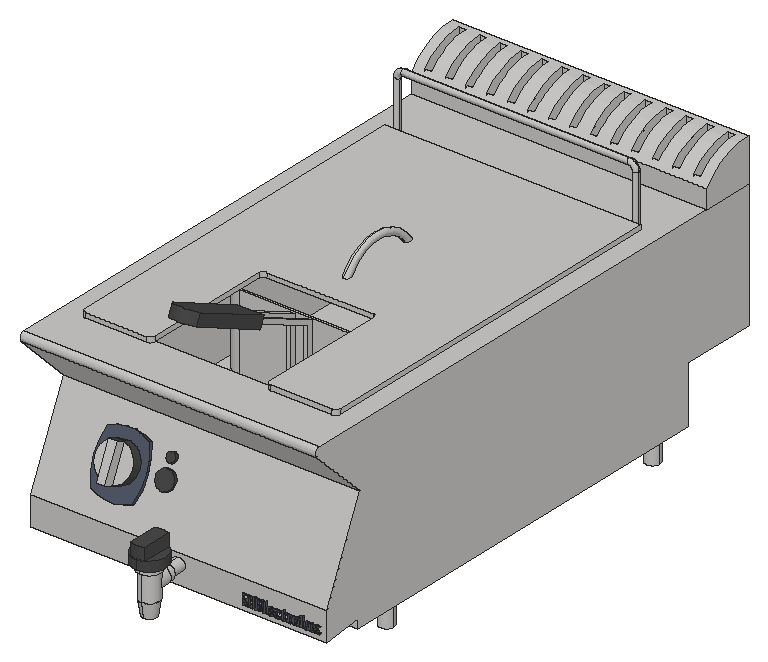
Revit family "QF_ELECTROLUXPROFESSIONAL_371422_E7KKBTAOMCI", category Attrezzature speciali, Revit 2018
Family settings
  Quota connettore circolare = Usa diametro
  Tipo di parte = Normale
  Basato su piano di lavoro = No
  Sempre verticale = Sì
  Taglio con vuoti quando caricato = No
  Condiviso = No
  Punto di calcolo locali = No
Parameters (values of type "Standard")
  Weight = 30.00 kg
  Watts = 0 W
  Volts = 0 V
  URL Manufacturer = "https://www.electroluxprofessional.com/"
  URL = "https://www.electroluxprofessional.com/"
  Steam Supply Size = 0"
  Steam Supply Minimum Pressure = 0.00 psi
  Steam Supply Maximum Pressure = 0.00 psi
  Steam Consumption per Hour = 0
  Show Logo [instance] = yes
  Show Clearance [instance] = yes
  Refrigeration Suction Line Size = 0 mm
  Refrigeration Liquid Line Size = 0 mm
  Refrigerant Compressor Remote = yes
  Phase = 0
  Modello = "E7KKBTAOMCI"
  Produttore = "Electrolux Professional"
  Length Actual = 400 mm  # constant formula
  Item Number = "371422"
  Hot Water Size = 0"
  Height Actual = 250 mm  # constant formula
  HP = "0 HP"
  Gas Size = 1/2"
  Gas KW = 7
  Gas Input Pressure = 0.234579 Btu/h
  Direct Waste Size = 0"
  Descrizione = "7 LITRE GAS FRYER TOP 400MM - QMARK"
  Depth Actual = 730 mm  # constant formula
  Cycle = 0 Hz
  Condensate Return Size = 0"
  Compressed Air Volume = 0 GPM
  Compressed Air Size = 0"
  Compressed Air Pressure = 0.00 psi
  Cold Water Size = 0"
  Base Height [instance] = 25.4 mm  # constant formula
  Accessory = yes
Values of the unnamed type that differ from the named types
  Weight = 0.00 kg
  URL Manufacturer = ""
  Item Number = ""
  HP = ""
  Gas KW = 0
  Gas Input Pressure = 0.0 Btu/h
Reference planes
  plane 1 "BACK": y = 0
  plane 2: z = 0
  plane 3 "LEFT": x = 0
  plane 4 "RIGHT": x = 400
  plane 5 "FRONT": y = -730
  plane 6 "TOP": z = 333
  plane 7 "Center Y": x = 200
  plane 8 "Center X": y = -365
  plane 9 "BASE": z = 25.4
  plane 10 "TOP A": z = 274.638
  plane 11: y = -597.884
  plane 12: y = -147.637
Forms (mm)
  Extrusion 1, solid, material "QF_Finishes_Stainless Steel"
    sketch origin (0, 0, 0) x (0, 1, 0) y (0, 0, 1)
      loop
        line (0, 274.638) -> (-725.027, 274.638)
        arc (-725.027, 274.638) -> (-730.893, 270.718) -> (-729.517, 263.797) r 6.35
        line (-729.517, 263.797) -> (-657.416, 191.447) -> (-713.522, 70.59) -> (-713.522, 32.49) -> (-660.4, 38.1) -> (-660.4, 25.4) -> (-101.6, 25.4) -> (-101.6, 103.188) -> (0, 103.188) -> (0, 274.638)
    from 0 to 400
  Extrusion 2, solid, material "QF_Finishes_Stainless Steel"
    sketch origin (0, 0, 0) x (0, 1, 0) y (0, 0, 1)
      loop
        line (0, 274.638) -> (0, 333)
        arc (0, 333) -> (-38.795, 324.72) -> (-69.85, 300.038) r 86.758
        line (-69.85, 300.038) -> (-69.85, 274.638) -> (0, 274.638)
    from 0 to 400
  Extrusion 3, void
    sketch origin (0, 0, 274.638) x (-1, 0, 0) y (0, -1, 0)
      loop
        line (-33.338, 147.762) -> (-33.338, 655.762) -> (-366.662, 655.762) -> (-366.662, 147.762) -> (-33.338, 147.762)
    from 0 to -152.4
  Extrusion 4, solid, material "QF_Finishes_Stainless Steel"
    sketch origin (0, 0, 274.638) x (-1, 0, 0) y (0, -1, 0)
      loop
        arc (-26.988, 655.762) -> (-28.847, 660.252) -> (-33.338, 662.112) r 6.35
        line (-33.338, 662.112) -> (-115.863, 662.112)
        arc (-115.863, 662.112) -> (-120.353, 660.252) -> (-122.213, 655.762) r 6.35
        line (-122.213, 655.762) -> (-122.213, 481.137)
        arc (-122.213, 481.137) -> (-124.072, 476.646) -> (-128.563, 474.787) r 6.35
        line (-128.563, 474.787) -> (-271.412, 474.787)
        arc (-271.412, 474.787) -> (-275.903, 476.646) -> (-277.762, 481.137) r 6.35
        line (-277.762, 481.137) -> (-277.762, 655.762)
        arc (-277.762, 655.762) -> (-279.622, 660.252) -> (-284.112, 662.112) r 6.35
        line (-284.112, 662.112) -> (-366.662, 662.112)
        arc (-366.662, 662.112) -> (-371.153, 660.252) -> (-373.012, 655.762) r 6.35
        line (-373.012, 655.762) -> (-373.012, 147.762) -> (-26.988, 147.762) -> (-26.988, 655.762)
    from 0 to 6.35
  Sweep 5, solid, material "QF_Finishes_Stainless Steel"
    path origin (200, 0, 0) x (0, 1, 0) y (0, 0, 1)
      loop
        arc (-323.261, 274.638) -> (-377.7, 308.416) -> (-432.139, 274.638) r 60.757
    profile origin (200, -377.7, 308.416) x (0, 0, -1) y (1, 0, 0)
      loop
        circle (0, 0) r 4.353
  Sweep 6, solid, material "QF_Finishes_Stainless Steel"
    path origin (0, 0, 0) x (1, 0, 0) y (0, 0, 1)
      loop
        line (39.688, 274.263) -> (39.688, 339.35)
        arc (39.688, 339.35) -> (41.547, 343.84) -> (46.038, 345.7) r 6.35
        line (46.038, 345.7) -> (352.25, 345.7)
        arc (352.25, 345.7) -> (356.74, 343.84) -> (358.6, 339.35) r 6.35
        line (358.6, 339.35) -> (358.6, 274.263)
    profile origin (39.688, 0, 306.806) x (-1, 0, 0) y (0, -1, 0)
      loop
        circle (2.09, 140.754) r 3.827
  Extrusion 7, void
    sketch origin (0, 0, 274.638) x (-1, 0, 0) y (0, -1, 0)
      loop
        line (-13.453, 6.761) -> (-13.453, 63.911) -> (-22.749, 63.911) -> (-22.749, 6.761) -> (-13.453, 6.761)
    from 25.4 to 63.5
  Extrusion 8, void
    sketch origin (400.05, 0, 274.638) x (1, 0, 0) y (0, 1, 0)
      loop
        line (-13.503, -6.761) -> (-22.799, -6.761) -> (-22.799, -63.911) -> (-13.503, -63.911) -> (-13.503, -6.761)
    from 25.4 to 63.5
  Extrusion 9, void
    sketch origin (27.988, 0, 274.638) x (-1, 0, 0) y (0, -1, 0)
      loop
        line (-13.453, 6.761) -> (-13.453, 63.911) -> (-22.749, 63.911) -> (-22.749, 6.761) -> (-13.453, 6.761)
    from 25.4 to 63.5
  Extrusion 10, void
    sketch origin (55.977, 0, 274.638) x (-1, 0, 0) y (0, -1, 0)
      loop
        line (-13.453, 6.761) -> (-13.453, 63.911) -> (-22.749, 63.911) -> (-22.749, 6.761) -> (-13.453, 6.761)
    from 25.4 to 63.5
  Extrusion 11, void
    sketch origin (83.965, 0, 274.638) x (-1, 0, 0) y (0, -1, 0)
      loop
        line (-13.428, 6.761) -> (-13.428, 63.911) -> (-22.724, 63.911) -> (-22.724, 6.761) -> (-13.428, 6.761)
    from 25.4 to 63.5
  Extrusion 12, void
    sketch origin (111.953, 0, 274.638) x (-1, 0, 0) y (0, -1, 0)
      loop
        line (-13.428, 6.761) -> (-13.428, 63.911) -> (-22.724, 63.911) -> (-22.724, 6.761) -> (-13.428, 6.761)
    from 25.4 to 63.5
  Extrusion 13, void
    sketch origin (139.942, 0, 274.638) x (-1, 0, 0) y (0, -1, 0)
      loop
        line (-13.428, 6.761) -> (-13.428, 63.911) -> (-22.724, 63.911) -> (-22.724, 6.761) -> (-13.428, 6.761)
    from 25.4 to 63.5
  Extrusion 14, void
    sketch origin (167.93, 0, 274.638) x (-1, 0, 0) y (0, -1, 0)
      loop
        line (-13.428, 6.761) -> (-13.428, 63.911) -> (-22.724, 63.911) -> (-22.724, 6.761) -> (-13.428, 6.761)
    from 25.4 to 63.5
  Extrusion 15, void
    sketch origin (195.918, 0, 274.638) x (-1, 0, 0) y (0, -1, 0)
      loop
        line (-13.428, 6.761) -> (-13.428, 63.911) -> (-22.724, 63.911) -> (-22.724, 6.761) -> (-13.428, 6.761)
    from 25.4 to 63.5
  Extrusion 16, void
    sketch origin (223.907, 0, 274.638) x (-1, 0, 0) y (0, -1, 0)
      loop
        line (-13.428, 6.761) -> (-13.428, 63.911) -> (-22.724, 63.911) -> (-22.724, 6.761) -> (-13.428, 6.761)
    from 25.4 to 63.5
  Extrusion 17, void
    sketch origin (251.895, 0, 274.638) x (-1, 0, 0) y (0, -1, 0)
      loop
        line (-13.428, 6.761) -> (-13.428, 63.911) -> (-22.724, 63.911) -> (-22.724, 6.761) -> (-13.428, 6.761)
    from 25.4 to 63.5
  Extrusion 18, void
    sketch origin (279.884, 0, 274.638) x (-1, 0, 0) y (0, -1, 0)
      loop
        line (-13.403, 6.761) -> (-13.403, 63.911) -> (-22.699, 63.911) -> (-22.699, 6.761) -> (-13.403, 6.761)
    from 25.4 to 63.5
  Extrusion 19, void
    sketch origin (307.872, 0, 274.638) x (-1, 0, 0) y (0, -1, 0)
      loop
        line (-13.403, 6.761) -> (-13.403, 63.911) -> (-22.699, 63.911) -> (-22.699, 6.761) -> (-13.403, 6.761)
    from 25.4 to 63.5
  Extrusion 20, void
    sketch origin (335.86, 0, 274.638) x (-1, 0, 0) y (0, -1, 0)
      loop
        line (-13.403, 6.761) -> (-13.403, 63.911) -> (-22.699, 63.911) -> (-22.699, 6.761) -> (-13.403, 6.761)
    from 25.4 to 63.5
  Extrusion 21, solid, material "QF_Finishes_Stainless Steel"
    sketch origin (0, 0, 0) x (1, 0, 0) y (0, 1, 0)
      loop
        circle (11.112, -147.638) r 9.525
      loop
        circle (11.112, -597.884) r 9.525
      loop
        circle (388.887, -147.638) r 9.525
      loop
        circle (388.887, -597.884) r 9.525
    from 0 to 25.4
  Extrusion 22, solid, material "QF_Finishes_Navy Blue"
    sketch origin (-60.325, -713.522, 70.59) x (0, 0.421077, 0.907025) y (-1, 0, 0)
      loop
        arc (101.077, -132.565) -> (66.2, -125.548) -> (31.333, -132.61) r 89.894
        arc (31.333, -132.61) -> (24.638, -161.14) -> (31.333, -189.671) r 64.14
        arc (31.333, -189.671) -> (66.2, -196.736) -> (101.077, -189.715) r 89.853
        arc (101.077, -189.715) -> (107.792, -161.14) -> (101.077, -132.565) r 64.16
    from 0 to 3.175
  Extrusion 23, solid, material "QF_Finishes_Stainless Steel"
    sketch origin (-60.325, -716.402, 71.927) x (0, 0.421077, 0.907025) y (-1, 0, 0)
      loop
        circle (68.826, -160.963) r 25.4
    from 0 to 12.7
  Extrusion 24, solid, material "QF_Finishes_Stainless Steel"
    sketch origin (-60.325, -727.921, 77.275) x (0, 0.421077, 0.907025) y (-1, 0, 0)
      loop
        arc (93.558, -166.749) -> (94.226, -160.963) -> (93.558, -155.177) r 25.4
        line (93.558, -155.177) -> (44.094, -155.177)
        arc (44.094, -155.177) -> (43.426, -160.963) -> (44.094, -166.749) r 25.4
        line (44.094, -166.749) -> (93.558, -166.749)
    from 0 to 12.7
  Extrusion 25, solid, material "QF_Finishes_Black"
    sketch origin (0, -713.522, 70.59) x (0, 0.421077, 0.907025) y (-1, 0, 0)
      loop
        circle (93.566, -160.648) r 6.35
    from 0 to 3.175
  Extrusion 26, solid, material "QF_Finishes_Black"
    sketch origin (0, -713.522, 70.59) x (0, 0.421077, 0.907025) y (-1, 0, 0)
      loop
        circle (68.272, -160.648) r 12.7
    from 0 to 3.175
  Revolve 27, solid, material "QF_Finishes_Stainless Steel"
    sketch origin (200.025, 0, 0) x (0, 1, 0) y (0, 0, 1)
      loop
        line (-762.926, 17.277) -> (-753.917, 17.277) -> (-750.301, 37.788) -> (-750.301, 74.129) -> (-747.023, 74.129) -> (-747.023, 82.008) -> (-740.673, 82.008) -> (-740.673, 94.708) -> (-762.926, 94.708) -> (-762.926, 17.277)
      axis (-762.926, 17.277) -> (-762.926, 94.708)
    angle from 0 to 360
  Revolve 28, solid, material "QF_Finishes_Stainless Steel"
    sketch origin (200.025, 0, 0) x (0, 1, 0) y (0, 0, 1)
      loop
        line (-713.522, 57.15) -> (-764.322, 57.15) -> (-764.322, 44.847) -> (-742.357, 44.847) -> (-742.357, 46.549) -> (-733.364, 46.549) -> (-733.364, 48.596) -> (-713.522, 48.596) -> (-713.522, 57.15)
      axis (-764.322, 57.15) -> (-713.522, 57.15)
    angle from 0 to 360
  Extrusion 29, solid, material "QF_Finishes_Black"
    sketch origin (200.025, -762.926, 94.708) x (0, 1, 0) y (-1, 0, 0)
      loop
        line (20.063, 9.626) -> (-20.063, 9.626)
        arc (-20.063, 9.626) -> (-22.253, 0) -> (-20.063, -9.626) r 22.253
        line (-20.063, -9.626) -> (20.063, -9.626)
        arc (20.063, -9.626) -> (22.253, 0) -> (20.063, 9.626) r 22.253
    from 0 to 16.412
  Extrusion 30, solid, material "QF_Finishes_Stainless Steel"
    sketch origin (0, -101.6, 103.188) x (0, 0, -1) y (-1, 0, 0)
      loop
        circle (43.882, -336.5) r 6.35
    from 0 to 12.7
  Extrusion 31, solid, material "QF_Finishes_Clearance", visible <- "Show Clearance", detail levels coarse
    sketch origin (0, 0, 0) x (1, 0, 0) y (0, 1, 0)
      loop
        line (0, -731.377) -> (0, 0) -> (400, 0) -> (400, -731.377) -> (550.019, -731.377) -> (550.019, 150.019) -> (-150.019, 150.019) -> (-150.019, -731.377) -> (0, -731.377)
    from 0 to 333
  Extrusion 32, solid, material "QF_Finishes_Black"
    sketch origin (265.962, -708.83, 366.66) x (0, 0.906308, -0.422618) y (-1, 0, 0)
      loop
        line (10.103, 47.345) -> (128.716, 47.345) -> (128.716, 84.58) -> (10.103, 84.58)
        arc (10.103, 84.58) -> (-0.124, 65.962) -> (10.103, 47.345) r 22.059
    from -15.884 to 0
  Extrusion 33, solid, material "QF_Finishes_Stainless Steel"
    sketch origin (265.962, 41.275, 0) x (0, 1, 0) y (0, 0, 1)
      loop
        line (-547.91, 165.638) -> (-547.91, 267.115) -> (-635.463, 307.942) -> (-638.147, 302.187) -> (-554.26, 263.07) -> (-554.26, 165.638) -> (-547.91, 165.638)
    from -80.476 to -74.619
  Extrusion 34, solid, material "QF_Finishes_Stainless Steel"
    sketch origin (134.088, 41.275, 0) x (0, 1, 0) y (0, 0, -1)
      loop
        line (-554.26, -263.07) -> (-638.147, -302.187) -> (-635.463, -307.942) -> (-547.91, -267.115) -> (-547.91, -165.638) -> (-554.26, -165.638) -> (-554.26, -263.07)
    from -80.476 to -74.619
  Extrusion 35, solid, material "QF_Finishes_Mesh"
    sketch origin (0, 0, 274.638) x (-1, 0, 0) y (0, -1, 0)
      loop
        arc (-116.6, 189.135) -> (-98.64, 196.575) -> (-91.2, 214.535) r 25.4
        line (-91.2, 214.535) -> (-91.2, 481.11)
        arc (-91.2, 481.11) -> (-98.64, 499.071) -> (-116.6, 506.51) r 25.4
        line (-116.6, 506.51) -> (-294.375, 506.51)
        arc (-294.375, 506.51) -> (-312.336, 499.071) -> (-319.775, 481.11) r 25.4
        line (-319.775, 481.11) -> (-319.775, 214.535)
        arc (-319.775, 214.535) -> (-312.336, 196.575) -> (-294.375, 189.135) r 25.4
        line (-294.375, 189.135) -> (-116.6, 189.135)
      loop
        arc (-116.6, 192.31) -> (-100.885, 198.82) -> (-94.375, 214.535) r 22.225
        line (-94.375, 214.535) -> (-94.375, 481.11)
        arc (-94.375, 481.11) -> (-100.885, 496.826) -> (-116.6, 503.335) r 22.225
        line (-116.6, 503.335) -> (-294.375, 503.335)
        arc (-294.375, 503.335) -> (-310.091, 496.826) -> (-316.6, 481.11) r 22.225
        line (-316.6, 481.11) -> (-316.6, 214.535)
        arc (-316.6, 214.535) -> (-310.091, 198.82) -> (-294.375, 192.31) r 22.225
        line (-294.375, 192.31) -> (-116.6, 192.31)
    from -109 to -5.315
  Extrusion 36, solid, material "QF_Finishes_Navy Blue", visible <- "Show Logo"
    sketch origin (0, -713.772, 32.49) x (0, 0, 1) y (-1, 0, 0)
      loop
        line (20.674, -296.698) -> (8.307, -296.698)
        arc (8.307, -296.698) -> (14.491, -301.27) -> (20.674, -296.698) r 6.467
      loop
        arc (20.674, -296.069) -> (19.505, -290.926) -> (14.849, -288.448) r 6.338
        line (14.849, -288.448) -> (14.849, -290.494)
        arc (14.849, -290.494) -> (16.333, -294.149) -> (19.778, -296.069) r 5.941
        line (19.778, -296.069) -> (20.674, -296.069)
      loop
        arc (9.203, -296.069) -> (12.648, -294.149) -> (14.132, -290.494) r 5.941
        line (14.132, -290.494) -> (14.132, -288.448)
        arc (14.132, -288.448) -> (9.438, -290.922) -> (8.148, -296.069) r 6.504
        line (8.148, -296.069) -> (9.203, -296.069)
      loop
        line (21.349, -287.979) -> (7.604, -287.979) -> (7.604, -301.742) -> (21.349, -301.742) -> (21.349, -287.979)
      loop
        arc (21.432, -304.71) -> (21.085, -304.352) -> (20.718, -304.69) r 0.358
        arc (20.718, -304.69) -> (20.404, -305.44) -> (19.687, -305.825) r 1.216
        line (19.687, -305.825) -> (9.274, -305.825)
        arc (9.274, -305.825) -> (8.614, -305.548) -> (8.218, -304.951) r 1.238
        arc (8.218, -304.951) -> (7.823, -304.7) -> (7.518, -305.054) r 0.358
        line (7.518, -305.054) -> (7.518, -314.933) -> (10.269, -314.933) -> (10.269, -314.036)
        arc (10.269, -314.036) -> (9.36, -313.456) -> (8.904, -312.479) r 1.928
        line (8.904, -312.479) -> (8.904, -309.98)
        arc (8.904, -309.98) -> (9.18, -309.251) -> (9.868, -308.887) r 1.101
        line (9.868, -308.887) -> (13.955, -308.887) -> (13.955, -312.561)
        arc (13.955, -312.561) -> (13.602, -313.058) -> (13.037, -313.286) r 1.083
        arc (13.037, -313.286) -> (12.773, -313.591) -> (13.065, -313.869) r 0.292
        line (13.065, -313.869) -> (16.028, -313.869)
        arc (16.028, -313.869) -> (16.33, -313.596) -> (16.092, -313.266) r 0.305
        arc (16.092, -313.266) -> (15.601, -313.018) -> (15.296, -312.561) r 1.083
        line (15.296, -312.561) -> (15.296, -308.887) -> (19.973, -308.887) -> (19.973, -312.635)
        arc (19.973, -312.635) -> (19.759, -313.39) -> (19.153, -313.888) r 1.314
        arc (19.153, -313.888) -> (18.934, -314.292) -> (19.288, -314.585) r 0.361
        line (19.288, -314.585) -> (21.432, -314.585) -> (21.432, -304.71)
      loop
        arc (20.715, -315.365) -> (20.335, -316.284) -> (19.416, -316.664) r 1.299
        line (19.416, -316.664) -> (9.837, -316.664)
        arc (9.837, -316.664) -> (8.999, -316.286) -> (8.728, -315.408) r 1.118
        line (8.728, -315.408) -> (7.518, -315.408) -> (7.518, -320.758) -> (8.706, -320.758)
        arc (8.706, -320.758) -> (8.978, -319.841) -> (9.848, -319.445) r 1.153
        line (9.848, -319.445) -> (21.92, -319.445) -> (20.715, -315.365)
      loop
        line (12.483, -323.394) -> (12.483, -329.842) -> (13.282, -329.842)
        arc (13.282, -329.842) -> (15.862, -328.857) -> (17.131, -326.404) r 3.874
        line (17.131, -326.404) -> (17.131, -324.643)
        arc (17.131, -324.643) -> (15.944, -321.778) -> (13.08, -320.592) r 4.051
        line (13.08, -320.592) -> (11.072, -320.592)
        arc (11.072, -320.592) -> (8.253, -322.077) -> (7.202, -325.084) r 4.352
        arc (7.202, -325.084) -> (7.566, -327.547) -> (8.943, -329.621) r 5.713
        line (8.943, -329.621) -> (9.892, -329.621)
        arc (9.892, -329.621) -> (9.16, -328.052) -> (8.943, -326.334) r 5.579
        arc (8.943, -326.334) -> (9.737, -324.371) -> (11.616, -323.394) r 3.057
        line (11.616, -323.394) -> (12.483, -323.394)
      loop
        line (13.742, -323.394) -> (13.742, -326.977)
        arc (13.742, -326.977) -> (15.199, -327.024) -> (16.082, -325.864) r 1.59
        line (16.082, -325.864) -> (16.082, -325.034)
        arc (16.082, -325.034) -> (15.217, -323.779) -> (13.742, -323.394) r 2.184
      loop
        arc (16.533, -339.259) -> (17.022, -337.585) -> (17.179, -335.848) r 9.023
        line (17.179, -335.848) -> (17.179, -334.486)
        arc (17.179, -334.486) -> (16.02, -331.686) -> (13.22, -330.527) r 3.959
        line (13.22, -330.527) -> (10.62, -330.527)
        arc (10.62, -330.527) -> (8.338, -331.819) -> (7.221, -334.192) r 4.331
        line (7.221, -334.192) -> (7.221, -336.327)
        arc (7.221, -336.327) -> (7.729, -337.877) -> (8.651, -339.223) r 5.772
        arc (8.651, -339.223) -> (9.412, -339.274) -> (9.499, -338.515) r 0.553
        arc (9.499, -338.515) -> (9.111, -337.781) -> (8.977, -336.962) r 2.573
        line (8.977, -336.962) -> (8.977, -335.447)
        arc (8.977, -335.447) -> (9.983, -333.806) -> (11.798, -333.163) r 2.884
        line (11.798, -333.163) -> (13.077, -333.163)
        arc (13.077, -333.163) -> (14.898, -333.723) -> (15.824, -335.388) r 2.554
        line (15.824, -335.388) -> (15.824, -336.441)
        arc (15.824, -336.441) -> (15.493, -337.369) -> (14.836, -338.104) r 2.564
        arc (14.836, -338.104) -> (14.614, -338.821) -> (15.223, -339.259) r 0.643
        line (15.223, -339.259) -> (16.533, -339.259)
      loop
        line (15.515, -339.53) -> (15.515, -341.031) -> (9.467, -341.031)
        arc (9.467, -341.031) -> (7.879, -341.688) -> (7.221, -343.276) r 2.246
        line (7.221, -343.276) -> (7.221, -344.86)
        arc (7.221, -344.86) -> (7.535, -345.725) -> (8.035, -346.496) r 4.06
        arc (8.035, -346.496) -> (8.768, -346.629) -> (9.019, -345.928) r 0.576
        arc (9.019, -345.928) -> (8.913, -345.403) -> (8.977, -344.87) r 1.69
        arc (8.977, -344.87) -> (9.519, -344.082) -> (10.425, -343.779) r 1.506
        line (10.425, -343.779) -> (15.563, -343.779) -> (15.563, -346.176) -> (16.119, -346.733) -> (16.941, -346.733) -> (16.941, -343.873) -> (20.172, -343.873) -> (15.515, -339.53)
      loop
        line (7.438, -347.63) -> (7.438, -353.017) -> (8.548, -353.017)
        arc (8.548, -353.017) -> (8.942, -352.066) -> (9.893, -351.672) r 1.345
        line (9.893, -351.672) -> (13.509, -351.672)
        arc (13.509, -351.672) -> (14.274, -352.264) -> (14.564, -353.186) r 1.615
        line (14.564, -353.186) -> (14.564, -354.742) -> (17.119, -355.427) -> (17.119, -354.044) -> (15.177, -351.485) -> (17.057, -351.485) -> (16.773, -348.779)
        arc (16.773, -348.779) -> (16.333, -348.249) -> (15.674, -348.45) r 0.621
        arc (15.674, -348.45) -> (15.274, -348.792) -> (14.78, -348.975) r 1.501
        line (14.78, -348.975) -> (9.893, -348.975)
        arc (9.893, -348.975) -> (8.942, -348.581) -> (8.548, -347.63) r 1.345
        line (8.548, -347.63) -> (7.438, -347.63)
      loop
        line (13.54, -354.964) -> (10.848, -354.964)
        arc (10.848, -354.964) -> (8.403, -356.272) -> (7.269, -358.803) r 4.288
        arc (7.269, -358.803) -> (7.205, -360.183) -> (7.269, -361.563) r 15.022
        arc (7.269, -361.563) -> (8.403, -364.094) -> (10.848, -365.401) r 4.288
        line (10.848, -365.401) -> (13.54, -365.401)
        arc (13.54, -365.401) -> (15.986, -364.094) -> (17.119, -361.563) r 4.288
        arc (17.119, -361.563) -> (17.183, -360.183) -> (17.119, -358.803) r 15.022
        arc (17.119, -358.803) -> (15.986, -356.272) -> (13.54, -354.964) r 4.288
      loop
        line (13.745, -358.078) -> (10.643, -358.078)
        arc (10.643, -358.078) -> (8.486, -360.235) -> (10.643, -362.392) r 2.157
        line (10.643, -362.392) -> (13.745, -362.392)
        arc (13.745, -362.392) -> (15.902, -360.235) -> (13.745, -358.078) r 2.157
      loop
        arc (20.726, -365.26) -> (20.355, -366.154) -> (19.461, -366.524) r 1.264
        line (19.461, -366.524) -> (9.597, -366.524)
        arc (9.597, -366.524) -> (8.727, -366.127) -> (8.455, -365.211) r 1.153
        line (8.455, -365.211) -> (7.518, -365.211) -> (7.518, -370.319) -> (8.446, -370.319)
        arc (8.446, -370.319) -> (8.805, -369.547) -> (9.597, -369.232) r 1.153
        line (9.597, -369.232) -> (21.92, -369.232) -> (20.726, -365.26)
      loop
        arc (15.846, -369.857) -> (15.647, -370.921) -> (14.678, -371.403) r 1.215
        line (14.678, -371.403) -> (9.658, -371.403)
        arc (9.658, -371.403) -> (8.043, -372.051) -> (7.322, -373.634) r 2.338
        line (7.322, -373.634) -> (7.322, -375.148)
        arc (7.322, -375.148) -> (7.497, -376.152) -> (7.999, -377.038) r 2.979
        line (7.999, -377.038) -> (7.518, -378.835) -> (7.518, -380.524) -> (16.943, -380.524) -> (16.649, -376.32) -> (15.863, -376.32)
        arc (15.863, -376.32) -> (15.507, -377.156) -> (14.755, -377.665) r 1.605
        line (14.755, -377.665) -> (9.652, -377.665)
        arc (9.652, -377.665) -> (9.232, -376.728) -> (9.159, -375.704) r 2.94
        arc (9.159, -375.704) -> (9.72, -374.603) -> (10.873, -374.16) r 1.724
        line (10.873, -374.16) -> (17.07, -374.16) -> (15.846, -369.857)
      loop
        line (16.874, -381.377) -> (15.202, -383.423) -> (12.028, -385.729) -> (8.572, -382.617)
        arc (8.572, -382.617) -> (8.335, -382.223) -> (8.357, -381.764) r 0.789
        line (8.357, -381.764) -> (7.518, -381.764) -> (7.518, -385.309) -> (8.344, -385.309)
        arc (8.344, -385.309) -> (8.686, -384.947) -> (9.176, -385.039) r 0.52
        line (9.176, -385.039) -> (10.976, -386.51) -> (8.858, -387.886)
        arc (8.858, -387.886) -> (8.457, -387.576) -> (8.37, -387.076) r 0.7
        line (8.37, -387.076) -> (7.518, -387.076) -> (7.518, -393.003) -> (8.405, -393.003)
        arc (8.405, -393.003) -> (8.472, -392.344) -> (8.866, -391.813) r 1.247
        line (8.866, -391.813) -> (13.066, -388.532) -> (15.513, -390.585) -> (16.874, -392.327) -> (16.874, -388.604) -> (15.389, -389.026) -> (13.868, -387.749) -> (15.568, -386.559) -> (16.874, -387.336) -> (16.874, -381.377)
    from 0 to 1.644
Cuts and joins
  Extrusion 3, Extrusion 7 cuts Extrusion 1
  joined: Extrusion 4, Sweep 5
  Extrusion 7, Extrusion 8, Extrusion 9, Extrusion 10, Extrusion 11, Extrusion 12, Extrusion 13, Extrusion 14, Extrusion 15, Extrusion 16, Extrusion 17, Extrusion 18, Extrusion 19, Extrusion 20 cuts Extrusion 2
  joined: Extrusion 23, Extrusion 24
Lines and regions (mm)
  symbolic lines, style "QF-Clearances", visible <- "Show Clearance", detail levels coarse
    curve 1: line (-150.019, 150.019, 274.638) -> (-150.019, -731.377, 274.638)
    curve 2: line (550.019, 150.019, 274.638) -> (-150.019, 150.019, 274.638)
    curve 3: line (550.019, -731.377, 274.638) -> (550.019, 150.019, 274.638)
  symbolic lines
    curve 4: line (0, 0, 274.638) -> (400, 0, 274.638)
    curve 5: line (0, -730, 274.638) -> (0, 0, 274.638)
    curve 6: line (400, 0, 274.638) -> (400, -730, 274.638)
    curve 7: line (22.724, -6.761, 274.638) -> (22.724, -63.911, 274.638)
    curve 8: line (22.724, -63.911, 274.638) -> (13.428, -63.911, 274.638)
    curve 9: line (13.428, -63.911, 274.638) -> (13.428, -6.761, 274.638)
    curve 10: line (13.428, -6.761, 274.638) -> (22.724, -6.761, 274.638)
    curve 11: line (386.547, -6.761, 274.638) -> (386.547, -63.911, 274.638)
    curve 12: line (386.547, -63.911, 274.638) -> (377.251, -63.911, 274.638)
    curve 13: line (377.251, -63.911, 274.638) -> (377.251, -6.761, 274.638)
    curve 14: line (377.251, -6.761, 274.638) -> (386.547, -6.761, 274.638)
    curve 15: line (50.712, -6.761, 274.638) -> (50.712, -63.911, 274.638)
    curve 16: line (50.712, -63.911, 274.638) -> (41.416, -63.911, 274.638)
    curve 17: line (41.416, -63.911, 274.638) -> (41.416, -6.761, 274.638)
    curve 18: line (41.416, -6.761, 274.638) -> (50.712, -6.761, 274.638)
    curve 19: line (78.7, -6.761, 274.638) -> (78.7, -63.911, 274.638)
    curve 20: line (78.7, -63.911, 274.638) -> (69.405, -63.911, 274.638)
    curve 21: line (69.405, -63.911, 274.638) -> (69.405, -6.761, 274.638)
    curve 22: line (69.405, -6.761, 274.638) -> (78.7, -6.761, 274.638)
    curve 23: line (106.689, -6.761, 274.638) -> (106.689, -63.911, 274.638)
    curve 24: line (106.689, -63.911, 274.638) -> (97.393, -63.911, 274.638)
    curve 25: line (97.393, -63.911, 274.638) -> (97.393, -6.761, 274.638)
    curve 26: line (97.393, -6.761, 274.638) -> (106.689, -6.761, 274.638)
    curve 27: line (134.677, -6.761, 274.638) -> (134.677, -63.911, 274.638)
    curve 28: line (134.677, -63.911, 274.638) -> (125.381, -63.911, 274.638)
    curve 29: line (125.381, -63.911, 274.638) -> (125.381, -6.761, 274.638)
    curve 30: line (125.381, -6.761, 274.638) -> (134.677, -6.761, 274.638)
    curve 31: line (162.665, -6.761, 274.638) -> (162.665, -63.911, 274.638)
    curve 32: line (162.665, -63.911, 274.638) -> (153.37, -63.911, 274.638)
    curve 33: line (153.37, -63.911, 274.638) -> (153.37, -6.761, 274.638)
    curve 34: line (153.37, -6.761, 274.638) -> (162.665, -6.761, 274.638)
    curve 35: line (190.654, -6.761, 274.638) -> (190.654, -63.911, 274.638)
    curve 36: line (190.654, -63.911, 274.638) -> (181.358, -63.911, 274.638)
    curve 37: line (181.358, -63.911, 274.638) -> (181.358, -6.761, 274.638)
    curve 38: line (181.358, -6.761, 274.638) -> (190.654, -6.761, 274.638)
    curve 39: line (218.642, -6.761, 274.638) -> (218.642, -63.911, 274.638)
    curve 40: line (218.642, -63.911, 274.638) -> (209.346, -63.911, 274.638)
    curve 41: line (209.346, -63.911, 274.638) -> (209.346, -6.761, 274.638)
    curve 42: line (209.346, -6.761, 274.638) -> (218.642, -6.761, 274.638)
    curve 43: line (246.605, -6.761, 274.638) -> (246.605, -63.911, 274.638)
    curve 44: line (246.605, -63.911, 274.638) -> (237.31, -63.911, 274.638)
    curve 45: line (237.31, -63.911, 274.638) -> (237.31, -6.761, 274.638)
    curve 46: line (237.31, -6.761, 274.638) -> (246.605, -6.761, 274.638)
    curve 47: line (274.594, -6.761, 274.638) -> (274.594, -63.911, 274.638)
    curve 48: line (274.594, -63.911, 274.638) -> (265.298, -63.911, 274.638)
    curve 49: line (265.298, -63.911, 274.638) -> (265.298, -6.761, 274.638)
    curve 50: line (265.298, -6.761, 274.638) -> (274.594, -6.761, 274.638)
    curve 51: line (302.582, -6.761, 274.638) -> (302.582, -63.911, 274.638)
    curve 52: line (302.582, -63.911, 274.638) -> (293.286, -63.911, 274.638)
    curve 53: line (293.286, -63.911, 274.638) -> (293.286, -6.761, 274.638)
    curve 54: line (293.286, -6.761, 274.638) -> (302.582, -6.761, 274.638)
    curve 55: line (330.57, -6.761, 274.638) -> (330.57, -63.911, 274.638)
    curve 56: line (330.57, -63.911, 274.638) -> (321.275, -63.911, 274.638)
    curve 57: line (321.275, -63.911, 274.638) -> (321.275, -6.761, 274.638)
    curve 58: line (321.275, -6.761, 274.638) -> (330.57, -6.761, 274.638)
    curve 59: line (358.559, -6.761, 274.638) -> (358.559, -63.911, 274.638)
    curve 60: line (358.559, -63.911, 274.638) -> (349.263, -63.911, 274.638)
    curve 61: line (349.263, -63.911, 274.638) -> (349.263, -6.761, 274.638)
    curve 62: line (349.263, -6.761, 274.638) -> (358.559, -6.761, 274.638)
    curve 63: line (26.988, -147.762, 274.638) -> (26.988, -655.762, 274.638)
    curve 64: arc (26.988, -655.762, 274.638) -> (28.847, -660.252, 274.638) -> (33.338, -662.112, 274.638) r 6.35
    curve 65: line (33.338, -662.112, 274.638) -> (115.863, -662.112, 274.638)
    curve 66: arc (115.863, -662.112, 274.638) -> (120.353, -660.252, 274.638) -> (122.213, -655.762, 274.638) r 6.35
    curve 67: line (122.213, -655.762, 274.638) -> (122.213, -481.012, 274.638)
    curve 68: arc (122.213, -481.012, 274.638) -> (124.072, -476.521, 274.638) -> (128.563, -474.662, 274.638) r 6.35
    curve 69: line (128.563, -474.662, 274.638) -> (271.412, -474.662, 274.638)
    curve 70: arc (271.412, -474.662, 274.638) -> (275.903, -476.521, 274.638) -> (277.762, -481.012, 274.638) r 6.35
    curve 71: line (277.762, -481.012, 274.638) -> (277.762, -655.762, 274.638)
    curve 72: arc (277.762, -655.762, 274.638) -> (279.622, -660.252, 274.638) -> (284.112, -662.112, 274.638) r 6.35
    curve 73: line (284.112, -662.112, 274.638) -> (366.662, -662.112, 274.638)
    curve 74: arc (366.662, -662.112, 274.638) -> (371.153, -660.252, 274.638) -> (373.012, -655.762, 274.638) r 6.35
    curve 75: line (373.012, -655.762, 274.638) -> (373.012, -147.762, 274.638)
    curve 76: line (373.012, -147.762, 274.638) -> (26.988, -147.762, 274.638)
    curve 77: line (31.725, -69.85, 274.638) -> (0, -69.85, 274.638)
    curve 78: line (0, -69.85, 274.638) -> (0, -120.65, 274.638)
    curve 79: line (0, -69.85, 274.638) -> (400, -69.85, 274.638)
    curve 80: line (201.587, -147.762, 274.638) -> (366.662, -147.762, 274.638)
    curve 81: line (33.338, -147.762, 274.638) -> (198.412, -147.762, 274.638)
    curve 82: line (218.617, -706.386, 274.638) -> (218.617, -592.174, 274.638)
    curve 83: line (181.383, -592.174, 274.638) -> (181.383, -706.386, 274.638)
    curve 84: line (218.617, -592.174, 274.638) -> (181.383, -592.174, 274.638)
    curve 85: spline (218.617, -706.386, 274.638) -> (216.385, -709.048, 274.638) -> (213.694, -711.336, 274.638) -> (210.621, -713.185, 274.638) -> (207.25, -714.544, 274.638) -> (203.676, -715.375, 274.638) -> (200, -715.655, 274.638) -> (196.324, -715.375, 274.638) -> (192.75, -714.544, 274.638) -> (189.379, -713.185, 274.638) -> (186.306, -711.336, 274.638) -> (183.615, -709.048, 274.638) -> (181.383, -706.386, 274.638)
    curve 86: line (218.617, -655.762, 274.638) -> (277.762, -655.762, 274.638)
    curve 87: line (181.383, -655.762, 274.638) -> (122.213, -655.762, 274.638)
    curve 88: line (191.318, -506.51, 274.638) -> (191.318, -592.174, 274.638)
    curve 89: line (185.462, -592.174, 274.638) -> (185.462, -506.51, 274.638)
    curve 90: line (214.538, -506.51, 274.638) -> (214.538, -592.174, 274.638)
    curve 91: line (208.682, -592.174, 274.638) -> (208.682, -506.51, 274.638)
    curve 92: spline (181.383, -699.673, 274.638) -> (183.615, -702.336, 274.638) -> (186.306, -704.623, 274.638) -> (189.379, -706.473, 274.638) -> (192.75, -707.832, 274.638) -> (196.324, -708.663, 274.638) -> (200, -708.942, 274.638) -> (203.676, -708.663, 274.638) -> (207.25, -707.832, 274.638) -> (210.621, -706.473, 274.638) -> (213.694, -704.623, 274.638) -> (216.385, -702.336, 274.638) -> (218.617, -699.673, 274.638)
    curve 93: line (195.545, -428.432, 274.638) -> (195.545, -326.969, 274.638)
    curve 94: line (204.443, -326.969, 274.638) -> (204.443, -428.432, 274.638)
    curve 95: arc (195.545, -428.432, 274.638) -> (199.994, -432.882, 274.638) -> (204.443, -428.432, 274.638) r 4.449
    curve 96: arc (195.545, -326.969, 274.638) -> (199.994, -322.52, 274.638) -> (204.443, -326.969, 274.638) r 4.449
    curve 97: line (400, -730, 274.638) -> (0, -730, 274.638)
    curve 98: line (37.598, -136.927, 274.638) -> (362.402, -136.927, 274.638)
    curve 99: line (37.598, -144.582, 274.638) -> (37.598, -136.927, 274.638)
    curve 100: line (362.402, -144.582, 274.638) -> (37.598, -144.582, 274.638)
    curve 101: line (362.402, -136.927, 274.638) -> (362.402, -144.582, 274.638)
    curve 102: line (122.213, -506.51, 274.638) -> (277.762, -506.51, 274.638)
    curve 103: line (122.213, -503.335, 274.638) -> (277.762, -503.335, 274.638)
    curve 104: arc (200, -785.179, 274.638) -> (222.253, -762.926, 274.638) -> (200, -740.673, 274.638) r 22.253
    curve 105: arc (200, -740.673, 274.638) -> (177.747, -762.926, 274.638) -> (200, -785.179, 274.638) r 22.253
    curve 106: line (190.374, -742.863, 274.638) -> (190.374, -782.989, 274.638)
    curve 107: line (209.626, -782.989, 274.638) -> (209.626, -742.863, 274.638)
    curve 108: line (210.947, -743.552, 274.638) -> (210.947, -730, 274.638)
    curve 109: line (189.208, -743.465, 274.638) -> (189.208, -730, 274.638)
Dimensions and locks
  equal spacing: plane 3 "LEFT", plane 7 "Center Y", plane 4 "RIGHT"
  plane 3 "LEFT" to plane 4 "RIGHT" = 400 mm
  equal spacing: plane 5 "FRONT", plane 8 "Center X", plane 1 "BACK"
  plane 5 "FRONT" to plane 1 "BACK" = 730 mm
  plane 6 "TOP" to level = 333 mm
  "Base Height": plane 9 "BASE" to level
  plane 1 "BACK" to plane 5 "FRONT" = 730 mm
  plane 10 "TOP A" to plane 9 "BASE" = 249.238 mm
  aligned and locked: level to plane 2
  aligned and locked: plane 4 "RIGHT" to Extrusion 1
  aligned and locked: plane 4 "RIGHT" to Extrusion 2
  aligned and locked: plane 9 "BASE" to Extrusion 21
  aligned and locked: plane 6 "TOP" to Extrusion 31
Automatic sketch dimensions
  Sweep 5 sketch curve to plane 10 "TOP A" = 0 mm  (x2)
  Sweep 5 sketch curve to plane 8 "Center X" = 67.139 mm
  Sweep 5 sketch curve to plane 8 "Center X" = 12.7 mm
  Sweep 5 sketch curve to plane 10 "TOP A" = 26.978 mm
  Sweep 5 sketch curve to plane 7 "Center Y" = 0 mm
  Sweep 5 sketch curve to profile plane = 0 mm
  plane 1 "BACK" to Extrusion 7 sketch curve = 6.761 mm
  plane 3 "LEFT" to Extrusion 7 sketch curve = 22.749 mm
  Extrusion 7 sketch curve to Extrusion 7 sketch curve = 9.296 mm
  Extrusion 7 sketch curve to Extrusion 7 sketch curve = 57.15 mm
  plane 1 "BACK" to Extrusion 9 sketch curve = 6.761 mm
  plane 3 "LEFT" to Extrusion 9 sketch curve = 50.737 mm
  Extrusion 9 sketch curve to Extrusion 9 sketch curve = 9.296 mm
  Extrusion 9 sketch curve to Extrusion 9 sketch curve = 57.15 mm
  plane 1 "BACK" to Extrusion 10 sketch curve = 6.761 mm
  plane 3 "LEFT" to Extrusion 10 sketch curve = 78.725 mm
  Extrusion 10 sketch curve to Extrusion 10 sketch curve = 9.296 mm
  Extrusion 10 sketch curve to Extrusion 10 sketch curve = 57.15 mm
  plane 1 "BACK" to Extrusion 11 sketch curve = 6.761 mm
  Extrusion 11 sketch curve to plane 7 "Center Y" = 93.311 mm
  Extrusion 11 sketch curve to Extrusion 11 sketch curve = 9.296 mm
  Extrusion 11 sketch curve to Extrusion 11 sketch curve = 57.15 mm
  plane 1 "BACK" to Extrusion 12 sketch curve = 6.761 mm
  Extrusion 12 sketch curve to plane 7 "Center Y" = 65.323 mm
  Extrusion 12 sketch curve to Extrusion 12 sketch curve = 9.296 mm
  Extrusion 12 sketch curve to Extrusion 12 sketch curve = 57.15 mm
  plane 1 "BACK" to Extrusion 13 sketch curve = 6.761 mm
  Extrusion 13 sketch curve to plane 7 "Center Y" = 37.335 mm
  Extrusion 13 sketch curve to Extrusion 13 sketch curve = 9.296 mm
  Extrusion 13 sketch curve to Extrusion 13 sketch curve = 57.15 mm
  Extrusion 14 sketch curve to plane 7 "Center Y" = 9.346 mm
  Extrusion 14 sketch curve to Extrusion 14 sketch curve = 9.296 mm
  plane 1 "BACK" to Extrusion 14 sketch curve = 6.761 mm
  Extrusion 14 sketch curve to Extrusion 14 sketch curve = 57.15 mm
  plane 1 "BACK" to Extrusion 15 sketch curve = 6.761 mm
  plane 7 "Center Y" to Extrusion 15 sketch curve = 18.642 mm
  Extrusion 15 sketch curve to Extrusion 15 sketch curve = 9.296 mm
  Extrusion 15 sketch curve to Extrusion 15 sketch curve = 57.15 mm
  plane 1 "BACK" to Extrusion 16 sketch curve = 6.761 mm
  plane 7 "Center Y" to Extrusion 16 sketch curve = 46.63 mm
  Extrusion 16 sketch curve to Extrusion 16 sketch curve = 9.296 mm
  Extrusion 16 sketch curve to Extrusion 16 sketch curve = 57.15 mm
  plane 1 "BACK" to Extrusion 17 sketch curve = 6.761 mm
  plane 7 "Center Y" to Extrusion 17 sketch curve = 74.619 mm
  Extrusion 17 sketch curve to Extrusion 17 sketch curve = 9.296 mm
  Extrusion 17 sketch curve to Extrusion 17 sketch curve = 57.15 mm
  Extrusion 1 sketch curve to plane 10 "TOP A" = 0 mm
  Extrusion 1 sketch curve to plane 9 "BASE" = 0 mm
  Extrusion 1 sketch curve to plane 1 "BACK" = 0 mm
  Extrusion 1 sketch curve to plane 12 = 46.038 mm
  plane 11 to Extrusion 1 sketch curve = 59.531 mm
  plane 9 "BASE" to Extrusion 1 sketch curve = 12.7 mm
  plane 11 to Extrusion 1 sketch curve = 62.516 mm
  Extrusion 1 sketch curve to plane 5 "FRONT" = 16.478 mm
  Extrusion 1 sketch curve to plane 5 "FRONT" = 4.973 mm
  Extrusion 1 sketch curve to plane 5 "FRONT" = 0.483 mm
  plane 9 "BASE" to Extrusion 1 sketch curve = 7.09 mm
  Extrusion 1 sketch curve to Extrusion 1 sketch curve = 38.1 mm
  plane 9 "BASE" to Extrusion 1 sketch curve = 77.788 mm
  Extrusion 1 sketch curve to plane 10 "TOP A" = 83.191 mm
  Extrusion 1 sketch curve to plane 10 "TOP A" = 10.84 mm
  Extrusion 2 sketch curve to plane 10 "TOP A" = 0 mm
  Extrusion 2 sketch curve to plane 1 "BACK" = 0 mm
  Extrusion 2 sketch curve to plane 6 "TOP" = 0 mm
  plane 1 "BACK" to Extrusion 2 sketch curve = 1.769 mm
  plane 10 "TOP A" to Extrusion 2 sketch curve = 25.4 mm
  plane 1 "BACK" to Extrusion 2 sketch curve = 69.85 mm
  plane 12 to Extrusion 3 sketch curve = 0.124 mm
  Extrusion 3 sketch curve to plane 4 "RIGHT" = 33.338 mm
  plane 3 "LEFT" to Extrusion 3 sketch curve = 33.338 mm
  plane 11 to Extrusion 3 sketch curve = 57.877 mm
  plane 12 to Extrusion 4 sketch curve = 0.124 mm
  Extrusion 4 sketch curve to plane 4 "RIGHT" = 26.988 mm
  Extrusion 4 sketch curve to Extrusion 4 sketch curve = 6.35 mm  (x6)
  Extrusion 4 sketch curve to Extrusion 4 sketch curve = 82.55 mm
  Extrusion 4 sketch curve to plane 11 = 116.748 mm
  Extrusion 4 sketch curve to plane 7 "Center Y" = 71.437 mm
  Extrusion 4 sketch curve to Extrusion 4 sketch curve = 174.625 mm
  Sweep 6 sketch curve to plane 6 "TOP" = 58.737 mm  (x2)
  plane 6 "TOP" to Sweep 6 sketch curve = 6.35 mm  (x2)
  plane 3 "LEFT" to Sweep 6 sketch curve = 39.688 mm
  Sweep 6 sketch curve to Sweep 6 sketch curve = 6.35 mm
  plane 7 "Center Y" to Sweep 6 sketch curve = 152.25 mm
  Sweep 6 sketch curve to profile plane = 2.09 mm
  plane 1 "BACK" to Sweep 6 sketch curve = 140.754 mm
  Extrusion 8 sketch curve to plane 1 "BACK" = 6.761 mm
  plane 4 "RIGHT" to Extrusion 8 sketch curve = 22.749 mm
  Extrusion 8 sketch curve to Extrusion 8 sketch curve = 9.296 mm
  Extrusion 8 sketch curve to Extrusion 8 sketch curve = 57.15 mm
  plane 1 "BACK" to Extrusion 18 sketch curve = 6.761 mm
  Extrusion 18 sketch curve to plane 4 "RIGHT" = 97.418 mm
  Extrusion 18 sketch curve to Extrusion 18 sketch curve = 9.296 mm
  Extrusion 18 sketch curve to Extrusion 18 sketch curve = 57.15 mm
  plane 1 "BACK" to Extrusion 19 sketch curve = 6.761 mm
  Extrusion 19 sketch curve to plane 4 "RIGHT" = 69.43 mm
  Extrusion 19 sketch curve to Extrusion 19 sketch curve = 9.296 mm
  Extrusion 19 sketch curve to Extrusion 19 sketch curve = 57.15 mm
  plane 1 "BACK" to Extrusion 20 sketch curve = 6.761 mm
  Extrusion 20 sketch curve to plane 4 "RIGHT" = 41.441 mm
  Extrusion 20 sketch curve to Extrusion 20 sketch curve = 9.296 mm
  Extrusion 20 sketch curve to Extrusion 20 sketch curve = 57.15 mm
  plane 11 to Extrusion 21 sketch curve = 0 mm  (x2)
  plane 12 to Extrusion 21 sketch curve = 0 mm  (x2)
  plane 3 "LEFT" to Extrusion 21 sketch curve = 11.112 mm  (x2)
  Extrusion 21 sketch curve to plane 4 "RIGHT" = 11.113 mm  (x2)
  Extrusion 22 sketch curve to Extrusion 1 = 31.333 mm  (x2)
  Extrusion 22 sketch curve to Extrusion 22 sketch curve = 12.3 mm  (x3)
  Extrusion 22 sketch curve to Extrusion 22 sketch curve = 34.925 mm  (x2)
  Extrusion 1 to Extrusion 22 sketch curve = 44.467 mm
  Extrusion 22 sketch curve to Extrusion 22 sketch curve = 25.727 mm  (x2)
  Extrusion 22 sketch curve to Extrusion 22 sketch curve = 28.575 mm
  Extrusion 24 sketch curve to Extrusion 24 sketch curve = 24.732 mm
  Extrusion 24 sketch curve to Extrusion 24 sketch curve = 0 mm
  Extrusion 1 to Extrusion 25 sketch curve = 39.678 mm
  Extrusion 1 to Extrusion 25 sketch curve = 239.352 mm
  Extrusion 26 sketch curve to Extrusion 1 = 68.272 mm
  Extrusion 1 to Extrusion 26 sketch curve = 239.352 mm
  Revolve 27 sketch curve to plane 9 "BASE" = 8.123 mm
  plane 5 "FRONT" to Revolve 27 sketch curve = 32.926 mm
  Revolve 27 sketch curve to Revolve 27 sketch curve = 0 mm
  Revolve 27 sketch curve to Revolve 27 sketch curve = 9.009 mm
  plane 5 "FRONT" to Revolve 27 sketch curve = 20.301 mm
  Revolve 27 sketch curve to Revolve 27 sketch curve = 3.277 mm
  Revolve 27 sketch curve to Revolve 27 sketch curve = 6.35 mm
  plane 9 "BASE" to Revolve 27 sketch curve = 12.388 mm
  Revolve 27 sketch curve to Revolve 27 sketch curve = 36.341 mm
  Revolve 27 sketch curve to Revolve 27 sketch curve = 7.879 mm
  Revolve 27 sketch curve to Revolve 27 sketch curve = 12.7 mm  (x2)
  Revolve 27 sketch curve to Revolve 27 sketch curve = 15.064 mm
  plane 5 "FRONT" to Revolve 28 sketch curve = 34.322 mm
  plane 5 "FRONT" to Revolve 28 sketch curve = 12.357 mm
  plane 5 "FRONT" to Revolve 28 sketch curve = 3.364 mm
  Revolve 28 sketch curve to plane 5 "FRONT" = 16.478 mm
  Revolve 28 sketch curve to Revolve 28 sketch curve = 0 mm  (x2)
  Revolve 28 sketch curve to Revolve 28 sketch curve = 9.137 mm
  plane 9 "BASE" to Revolve 28 sketch curve = 19.447 mm
  Revolve 28 sketch curve to Revolve 28 sketch curve = 1.702 mm
  Revolve 28 sketch curve to Revolve 28 sketch curve = 2.047 mm
  Revolve 28 sketch curve to Revolve 28 sketch curve = 12.303 mm
  Revolve 27 to Extrusion 29 sketch curve = 9.626 mm
  Extrusion 29 sketch curve to Revolve 27 = 9.626 mm
  Extrusion 29 sketch curve to Extrusion 29 sketch curve = 0 mm
  plane 1 "BACK" to Extrusion 31 sketch curve = 0 mm
  Extrusion 31 sketch curve to plane 3 "LEFT" = 0 mm
  Extrusion 31 sketch curve to plane 4 "RIGHT" = 0 mm
  Extrusion 31 sketch curve to plane 3 "LEFT" = 150.019 mm
  plane 5 "FRONT" to Extrusion 31 sketch curve = 1.377 mm  (x2)
  plane 4 "RIGHT" to Extrusion 31 sketch curve = 150.019 mm
  Extrusion 31 sketch curve to plane 1 "BACK" = 150.019 mm
  plane 3 "LEFT" to Extrusion 4 sketch curve = 33.338 mm
  plane 11 to Extrusion 4 sketch curve = 57.877 mm
  plane 7 "Center Y" to Extrusion 32 sketch curve = 18.617 mm
  Extrusion 32 sketch curve to plane 7 "Center Y" = 18.617 mm
  Extrusion 32 sketch curve to Extrusion 32 sketch curve = 0 mm
  Extrusion 32 sketch curve to Extrusion 32 sketch curve = 11.832 mm
  Extrusion 32 sketch curve to Extrusion 32 sketch curve = 106.78 mm
  Extrusion 33 sketch curve to plane 11 = 1.013 mm
  Extrusion 33 sketch curve to plane 11 = 3.696 mm
  Extrusion 33 sketch curve to plane 10 "TOP A" = 11.567 mm
  Extrusion 33 sketch curve to plane 11 = 84.899 mm
  Extrusion 33 sketch curve to plane 10 "TOP A" = 7.522 mm
  Extrusion 33 sketch curve to Extrusion 33 sketch curve = 6.35 mm
  Extrusion 33 sketch curve to Extrusion 33 sketch curve = 97.432 mm
  Extrusion 34 sketch curve to plane 11 = 1.013 mm
  Extrusion 34 sketch curve to plane 11 = 3.696 mm
  Extrusion 34 sketch curve to plane 10 "TOP A" = 11.567 mm
  Extrusion 34 sketch curve to plane 11 = 84.899 mm
  Extrusion 34 sketch curve to Extrusion 34 sketch curve = 6.35 mm
  Extrusion 34 sketch curve to plane 10 "TOP A" = 7.522 mm
  Extrusion 34 sketch curve to Extrusion 34 sketch curve = 97.432 mm
  Extrusion 35 sketch curve to Extrusion 35 sketch curve = 0 mm  (x7)
  Extrusion 35 sketch curve to plane 4 "RIGHT" = 80.225 mm
  Extrusion 35 sketch curve to Extrusion 35 sketch curve = 3.175 mm
  Extrusion 35 sketch curve to Extrusion 35 sketch curve = 22.225 mm  (x3)
  Extrusion 35 sketch curve to plane 7 "Center Y" = 83.4 mm  (x2)
  plane 12 to Extrusion 35 sketch curve = 41.498 mm
  Extrusion 35 sketch curve to plane 8 "Center X" = 116.11 mm
  Extrusion 1 to Extrusion 22 sketch curve = 244.883 mm
  Extrusion 1 to Extrusion 30 sketch curve = 33.906 mm
  Extrusion 1 to Extrusion 30 sketch curve = 63.5 mm
  curve 6 to plane 4 "RIGHT" = 0 mm
  plane 5 "FRONT" to curve 108 = 0 mm
  curve 104 to plane 7 "Center Y" = 0 mm
  curve 92 to plane 7 "Center Y" = 0 mm
  curve 85 to plane 7 "Center Y" = 0 mm
  curve 78 to plane 3 "LEFT" = 0 mm
  curve 79 to plane 3 "LEFT" = 0 mm
  plane 1 "BACK" to curve 5 = 0 mm
  plane 4 "RIGHT" to curve 3 = 150.019 mm
  curve 11 to plane 4 "RIGHT" = 13.453 mm
  curve 11 to curve 13 = 9.296 mm
  curve 75 to plane 4 "RIGHT" = 26.988 mm
  curve 74 to curve 73 = 6.35 mm
  plane 12 to curve 80 = 0.124 mm
  curve 75 to curve 80 = 6.35 mm
  curve 80 to curve 98 = 4.26 mm
  curve 12 to curve 59 = 18.693 mm
  curve 59 to curve 60 = 9.296 mm
  curve 60 to curve 56 = 18.693 mm
  curve 55 to curve 57 = 9.296 mm
  plane 1 "BACK" to curve 51 = 6.761 mm
  curve 57 to curve 51 = 18.693 mm
  curve 51 to curve 53 = 9.296 mm
  curve 74 to curve 72 = 82.55 mm
  curve 72 to curve 72 = 6.35 mm
  curve 86 to curve 71 = 0 mm
  curve 52 to curve 47 = 18.693 mm
  curve 70 to curve 70 = 6.35 mm
  curve 47 to curve 50 = 9.296 mm
  plane 1 "BACK" to curve 46 = 6.761 mm
  curve 49 to curve 46 = 18.693 mm
  curve 43 to curve 44 = 9.296 mm
  curve 85 to curve 85 = 22.059 mm
  curve 92 to curve 85 = 0 mm
  plane 7 "Center Y" to curve 40 = 18.642 mm
  curve 85 to curve 82 = 3.442 mm
  curve 82 to curve 90 = 4.079 mm
  plane 7 "Center Y" to curve 108 = 10.947 mm
  plane 7 "Center Y" to curve 107 = 9.626 mm
  curve 39 to curve 41 = 9.296 mm
  curve 90 to curve 91 = 5.857 mm
  plane 7 "Center Y" to curve 96 = 4.443 mm
  plane 7 "Center Y" to curve 80 = 1.587 mm
  curve 95 to plane 7 "Center Y" = 0.006 mm
  plane 12 to curve 81 = 0.124 mm
  curve 81 to plane 7 "Center Y" = 1.588 mm
  curve 88 to plane 7 "Center Y" = 8.682 mm
  curve 36 to plane 7 "Center Y" = 9.346 mm
  curve 106 to plane 7 "Center Y" = 9.626 mm
  curve 88 to curve 89 = 5.857 mm
  curve 89 to curve 83 = 4.079 mm
  curve 35 to curve 37 = 9.296 mm
  plane 1 "BACK" to curve 34 = 6.761 mm
  curve 37 to curve 34 = 18.693 mm
  curve 31 to curve 33 = 9.296 mm
  curve 32 to curve 27 = 18.693 mm
  curve 89 to curve 69 = 56.899 mm
  curve 27 to curve 30 = 9.296 mm
  curve 87 to curve 67 = 59.17 mm
  curve 66 to curve 65 = 6.35 mm
  plane 1 "BACK" to curve 26 = 6.761 mm
  curve 29 to curve 26 = 18.693 mm
  curve 23 to curve 25 = 9.296 mm
  curve 24 to curve 20 = 18.693 mm
  curve 19 to curve 21 = 9.296 mm
  curve 20 to curve 15 = 18.693 mm
  curve 15 to curve 18 = 9.296 mm
  curve 98 to plane 12 = 10.711 mm
  plane 3 "LEFT" to curve 98 = 37.598 mm
  plane 3 "LEFT" to curve 64 = 33.338 mm
  curve 99 to curve 81 = 4.26 mm
  curve 16 to curve 77 = 9.691 mm
  curve 64 to curve 63 = 6.35 mm
  plane 1 "BACK" to curve 7 = 6.761 mm
  curve 17 to curve 7 = 18.693 mm
  curve 7 to curve 9 = 9.296 mm
  plane 5 "FRONT" to curve 1 = 1.377 mm
  curve 1 to plane 3 "LEFT" = 150.019 mm
  curve 2 to plane 1 "BACK" = 150.019 mm
  plane 1 "BACK" to curve 61 = 6.761 mm
  plane 1 "BACK" to curve 58 = 6.761 mm
  plane 1 "BACK" to curve 11 = 6.761 mm
  plane 1 "BACK" to curve 15 = 6.761 mm
  plane 1 "BACK" to curve 50 = 6.761 mm
  plane 1 "BACK" to curve 19 = 6.761 mm
  plane 1 "BACK" to curve 42 = 6.761 mm
  plane 1 "BACK" to curve 27 = 6.761 mm
  plane 1 "BACK" to curve 38 = 6.761 mm
  curve 33 to curve 33 = 57.15 mm
  curve 29 to curve 32 = 0 mm
  curve 31 to curve 35 = 0 mm
  curve 25 to curve 28 = 0 mm
  curve 35 to curve 39 = 0 mm
  curve 21 to curve 24 = 0 mm
  curve 39 to curve 43 = 0 mm
  curve 17 to curve 20 = 0 mm
  curve 43 to curve 47 = 0 mm
  curve 13 to curve 13 = 57.15 mm
  curve 47 to curve 51 = 0 mm
  curve 9 to curve 16 = 0 mm
  curve 51 to curve 55 = 0 mm
  curve 55 to curve 61 = 0 mm
  curve 11 to curve 79 = 5.939 mm
  curve 7 to curve 77 = 5.939 mm
  curve 78 to plane 12 = 26.988 mm
  curve 100 to plane 12 = 3.056 mm
  plane 12 to curve 76 = 0.124 mm
  plane 8 "Center X" to curve 96 = 38.031 mm
  curve 95 to plane 8 "Center X" = 63.432 mm
  curve 94 to curve 70 = 46.229 mm
  curve 67 to curve 103 = 22.324 mm
  curve 70 to curve 91 = 25.499 mm
  curve 83 to plane 11 = 5.711 mm
  plane 11 to curve 86 = 57.877 mm
  curve 87 to curve 86 = 0 mm
  curve 71 to curve 86 = 0 mm
  curve 86 to curve 92 = 33.188 mm
  curve 92 to curve 85 = 6.713 mm  (x2)
  curve 85 to curve 92 = 4.011 mm
  plane 5 "FRONT" to curve 3 = 1.377 mm
  plane 5 "FRONT" to curve 105 = 10.673 mm
  curve 104 to curve 107 = 2.19 mm
  curve 106 to curve 109 = 0.602 mm
  plane 9 "BASE" to Extrusion 36 sketch curve = 9.251 mm
  plane 9 "BASE" to Extrusion 36 sketch curve = 14.292 mm
  plane 9 "BASE" to Extrusion 36 sketch curve = 14.311 mm
  Extrusion 36 sketch curve to Extrusion 36 sketch curve = 0 mm  (x28)
  Extrusion 36 sketch curve to Extrusion 36 sketch curve = 5.108 mm  (x2)
  Extrusion 36 sketch curve to Extrusion 36 sketch curve = 0.054 mm
  Extrusion 36 sketch curve to Extrusion 36 sketch curve = 0.218 mm
  Extrusion 36 sketch curve to Extrusion 36 sketch curve = 0.195 mm
  Extrusion 36 sketch curve to Extrusion 36 sketch curve = 0.249 mm
  plane 9 "BASE" to Extrusion 36 sketch curve = 14.608 mm
  Extrusion 36 sketch curve to Extrusion 36 sketch curve = 0.087 mm
  Extrusion 36 sketch curve to Extrusion 36 sketch curve = 0.358 mm
  Extrusion 36 sketch curve to Extrusion 36 sketch curve = 0.481 mm
  Extrusion 36 sketch curve to Extrusion 36 sketch curve = 0.597 mm
  Extrusion 36 sketch curve to Extrusion 36 sketch curve = 0.544 mm
  Extrusion 36 sketch curve to Extrusion 36 sketch curve = 0.936 mm
  Extrusion 36 sketch curve to Extrusion 36 sketch curve = 0.594 mm
  Extrusion 36 sketch curve to Extrusion 36 sketch curve = 0.343 mm
  Extrusion 36 sketch curve to Extrusion 36 sketch curve = 0.159 mm
  Extrusion 36 sketch curve to Extrusion 36 sketch curve = 0.826 mm
  Extrusion 36 sketch curve to Extrusion 36 sketch curve = 0.839 mm
  Extrusion 36 sketch curve to Extrusion 36 sketch curve = 0.852 mm
  Extrusion 36 sketch curve to Extrusion 36 sketch curve = 0.887 mm
  Extrusion 36 sketch curve to Extrusion 36 sketch curve = 0.928 mm
  Extrusion 36 sketch curve to Extrusion 36 sketch curve = 0.938 mm
  Extrusion 36 sketch curve to Extrusion 36 sketch curve = 0.444 mm
  Extrusion 36 sketch curve to Extrusion 36 sketch curve = 1.11 mm  (x3)
  Extrusion 36 sketch curve to Extrusion 36 sketch curve = 0.215 mm
  Extrusion 36 sketch curve to Extrusion 36 sketch curve = 1.43 mm
  Extrusion 36 sketch curve to Extrusion 36 sketch curve = 1.188 mm
  Extrusion 36 sketch curve to Extrusion 36 sketch curve = 1.21 mm  (x2)
  Extrusion 36 sketch curve to Extrusion 36 sketch curve = 0.503 mm
  Extrusion 36 sketch curve to Extrusion 36 sketch curve = 0.488 mm
  Extrusion 36 sketch curve to plane 4 "RIGHT" = 8.187 mm
  Extrusion 36 sketch curve to Extrusion 36 sketch curve = 0.462 mm
  Extrusion 36 sketch curve to Extrusion 36 sketch curve = 1.386 mm
  Extrusion 36 sketch curve to Extrusion 36 sketch curve = 1.742 mm
  Extrusion 36 sketch curve to Extrusion 36 sketch curve = 0.821 mm
  Extrusion 36 sketch curve to Extrusion 36 sketch curve = 0.497 mm
  Extrusion 36 sketch curve to Extrusion 36 sketch curve = 0.539 mm
  Extrusion 36 sketch curve to Extrusion 36 sketch curve = 0.686 mm
  Extrusion 36 sketch curve to Extrusion 36 sketch curve = 0.408 mm
  Extrusion 36 sketch curve to Extrusion 36 sketch curve = 0.743 mm
  Extrusion 36 sketch curve to Extrusion 36 sketch curve = 1.16 mm
  Extrusion 36 sketch curve to Extrusion 36 sketch curve = 0.329 mm
  Extrusion 36 sketch curve to Extrusion 36 sketch curve = 1.054 mm
  Extrusion 36 sketch curve to Extrusion 36 sketch curve = 1.056 mm
  Extrusion 36 sketch curve to Extrusion 36 sketch curve = 0.129 mm
  Extrusion 36 sketch curve to Extrusion 36 sketch curve = 0.489 mm
  Extrusion 36 sketch curve to Extrusion 36 sketch curve = 0.441 mm
  Extrusion 36 sketch curve to Extrusion 36 sketch curve = 1.151 mm
  Extrusion 36 sketch curve to Extrusion 36 sketch curve = 1.141 mm  (x2)
  Extrusion 36 sketch curve to Extrusion 36 sketch curve = 0.768 mm
  Extrusion 36 sketch curve to Extrusion 36 sketch curve = 1.653 mm
  Extrusion 36 sketch curve to Extrusion 36 sketch curve = 0.499 mm
  Extrusion 36 sketch curve to Extrusion 36 sketch curve = 0.964 mm
  Extrusion 36 sketch curve to Extrusion 36 sketch curve = 0.949 mm
  Extrusion 36 sketch curve to Extrusion 36 sketch curve = 1.345 mm  (x3)
  Extrusion 36 sketch curve to Extrusion 36 sketch curve = 1.101 mm
  Extrusion 36 sketch curve to Extrusion 36 sketch curve = 0.432 mm
  Extrusion 36 sketch curve to Extrusion 36 sketch curve = 1.142 mm
  Extrusion 36 sketch curve to Extrusion 36 sketch curve = 0.959 mm
  Extrusion 36 sketch curve to Extrusion 36 sketch curve = 0.176 mm
  Extrusion 36 sketch curve to Extrusion 36 sketch curve = 0.728 mm
  Extrusion 36 sketch curve to Extrusion 36 sketch curve = 3.375 mm  (x2)
  Extrusion 36 sketch curve to Extrusion 36 sketch curve = 0.541 mm
  Extrusion 36 sketch curve to Extrusion 36 sketch curve = 0.955 mm
  Extrusion 36 sketch curve to Extrusion 36 sketch curve = 1.251 mm
  Extrusion 36 sketch curve to Extrusion 36 sketch curve = 0.572 mm
  Extrusion 36 sketch curve to Extrusion 36 sketch curve = 1.92 mm
  Extrusion 36 sketch curve to Extrusion 36 sketch curve = 1.224 mm
  Extrusion 36 sketch curve to Extrusion 36 sketch curve = 0.745 mm
  Extrusion 36 sketch curve to Extrusion 36 sketch curve = 2.537 mm
  Extrusion 36 sketch curve to Extrusion 36 sketch curve = 0.896 mm  (x3)
  Extrusion 36 sketch curve to Extrusion 36 sketch curve = 0.036 mm
  Extrusion 36 sketch curve to Extrusion 36 sketch curve = 2.607 mm
  Extrusion 36 sketch curve to Extrusion 36 sketch curve = 0.066 mm
